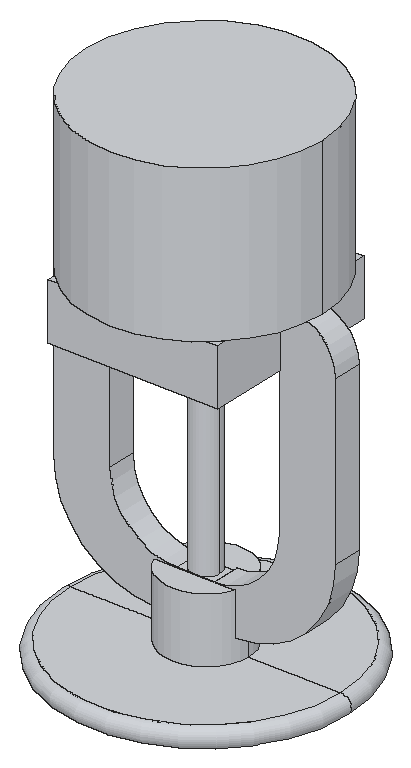
Revit family
Parameters (values of type "RASCO F1FR-300 PENDENT")
  Temperature Rating = 175 °F
  Response = 1
  RASCO SIN # = "R5612"
  RASCO Part # = "F1FRP5LW3"
  Pressure Rating = "300 PSI"
  Pressure Class = 1
  Orifice Size = 17/32"
  Orifice = (empty or 0)
  Model = "F1FR-300"
  Manufacturer = "RASCO"
  K-Factor = 8
  Description = "White Finish"
  Coverage = (empty or 0)
Reference planes (in)
  plane 1 "Center (Front/Back)": y = 0
  plane 2: z = 0
  plane 3 "Center (Left/Right)": x = 0
Dimensions and locks (in)
  aligned and locked: plane 2 to level
Nested families (in)
  nested 1: "F1FRP5LW3" at (-0.01148, 0, 2.4375) x (-1, 0, 0) z (0, 0, -1), type "RASCO F1FR-300 PENDENT"
Connectors (in)
  piping at (-0.01148, 0, 2.4375)
    settings: on nested 1, index 1, connector radius 1/2", flow factor 0, pipe flow 0 GPM, pressure drop 0.00 psi, fitting loss kfactor 0, connector angle 0.00°, fixture units 0, flow configuration 0, flow direction 0, fitting loss method 0, system type 7, connector reference index -1, connector utility 0, adjustable connector no, is connector primary yes, fitting loss table "", connector description ""
Definition of nested family "F1FRP5LW3"
  Parameters (values of type "RASCO F1FR-300 PENDENT")
    Type Comments = ""
    Temperature Rating = 0 °F
    Response = (empty or 0)
    Pressure Rating = "0"
    Pressure Class = (empty or 0)
    Orifice Size = 0"
    Orifice = (empty or 0)
    Model = ""
    Manufacturer = ""
    K-Factor = 0
    Description = ""
    Coverage = (empty or 0)
    Assembly Code = ""
  Reference planes (in)
    plane 1 "Center (Front/Back)": y = 0
    plane 2: z = 0
    plane 3 "ref.2": z = 0.6875
    plane 4 "ref.3": z = 0.9375
    plane 5: x = -0.38065
    plane 6: x = 0.36935
    plane 7 "ref. side 1": y = 0.06402
    plane 8 "ref. side 2": y = -0.06098
    plane 9 "ref.4": z = 1.875
    plane 10 "ref.5": z = 2.3125
    plane 11 "ref.6": z = 2.4375
  Forms (in)
    Extrusion 1, solid
      sketch origin (0, 0, 0) x (1, 0, 0) y (0, 1, 0)
        loop
          circle (0, 0) r 0.5221
      from 0 to 0.6875
    Extrusion 2, solid
      sketch origin (-0.12185, 0.05177, 0.6875) x (1, 0, 0) y (0, 1, 0)
        loop
          line (-0.2588, 0.356) -> (-0.2588, -0.4565) -> (0.4912, -0.4565) -> (0.4912, 0.356) -> (-0.2588, 0.356)
      from 0 to 0.25
    Extrusion 3, solid
      sketch origin (0, 0, 0) x (1, 0, 0) y (0, 0, 1)
        loop
          line (-0.38065, 0.69674) -> (-0.38065, 1.58397)
          arc (-0.38065, 1.58397) -> (-0.29541, 1.78976) -> (-0.08962, 1.875) r 0.29103
          line (-0.08962, 1.875) -> (0.07524, 1.875)
          arc (0.07524, 1.875) -> (0.28321, 1.78886) -> (0.36935, 1.58089) r 0.29411
          line (0.36935, 1.58089) -> (0.36935, 0.69728)
          arc (0.36935, 0.69728) -> (0.54046, 0.72329) -> (0.61935, 0.87734) r 0.18984
          line (0.61935, 0.87734) -> (0.61935, 1.61676)
          arc (0.61935, 1.61676) -> (0.48879, 1.93194) -> (0.17361, 2.0625) r 0.44574
          line (0.17361, 2.0625) -> (-0.18509, 2.0625)
          arc (-0.18509, 2.0625) -> (-0.50015, 1.932) -> (-0.63065, 1.61694) r 0.44556
          line (-0.63065, 1.61694) -> (-0.63065, 0.87876)
          arc (-0.63065, 0.87876) -> (-0.55196, 0.72414) -> (-0.38065, 0.69674) r 0.19126
      from -0.06402 to 0.06098
    Extrusion 4, solid
      sketch origin (0, 0, 0.9375) x (-1, 0, 0) y (0, -1, 0)
        loop
          circle (0.00574, -0.00152) r 0.0625
      from 0 to 0.9375
    Extrusion 5, solid
      sketch origin (0, 0, 1.875) x (-1, 0, 0) y (0, -1, 0)
        loop
          circle (0.00574, -0.00152) r 0.1875
      from 0 to 0.4375
    Revolve 6, solid
      sketch origin (0, 0, -0.2777) x (1, 0, 0) y (0, 0, 1)
        loop
          line (-0.19324, 2.43912) -> (-0.19324, 2.52696) -> (-0.60418, 2.52696)
          arc (-0.60418, 2.52696) -> (-0.64811, 2.48304) -> (-0.60418, 2.43912) r 0.04392
          line (-0.60418, 2.43912) -> (-0.19324, 2.43912)
        axis (-0.00574, 2.43912) -> (-0.00574, 2.52696)
      angle from 0 to 360
  Cuts and joins
    joined: Extrusion 1, Extrusion 2, Extrusion 4, Revolve 6
  Lines and regions (in)
    model lines
      curve 1: line (-0.00574, 0.06402, 1.875) -> (-0.00574, -0.06098, 1.875)
  Dimensions and locks (in)
    Extrusion 3 to Extrusion 3 = 0' - 1 1/4"
    Extrusion 5 to cut or joined group of Extrusion 1, Extrusion 2, Extrusion 4, Revolve 6 = 0' - 2 5/16"
